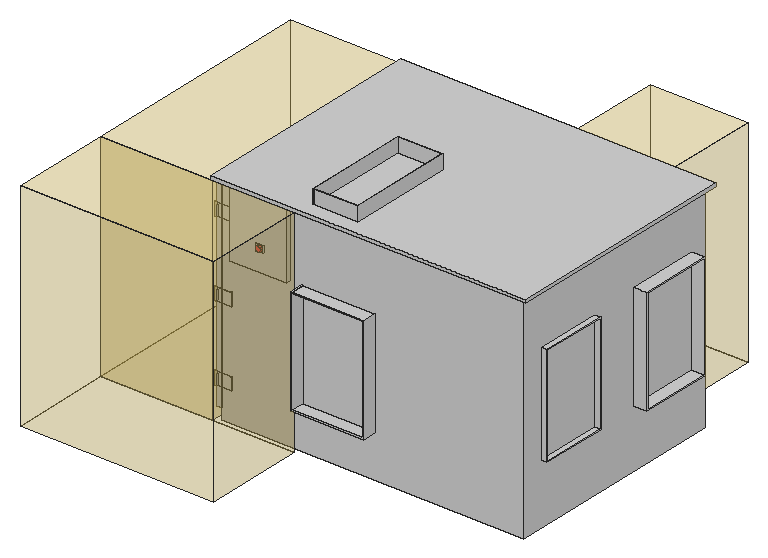
Revit family "Ventilator-RenewAire-Energy-Recovery-HE6XIN-Bypass", category Mechanical Equipment, Revit 2015
Parameters (values of type "5.0 HP 208-230V Three Phase")
  Voltage = "208-230"
  Ventilation Type = "Static Plate, Heat and Humidity Transfer"
  Unit Width = "113-1/2\""
  Unit Weight = "2,235-3,099 lbs."
  Unit Length = "88\""
  Unit Height = "81-3/4\""
  Unit = Metal - RenewAire - Anodized - Gray Text
  URL = "www.renewaire.com"
  Typical Airflow Range = "1,500 - 6,500 CFM"
  Standard Features = "TEFC Premium efficiency motors, Motor starters, Non-fused disconnect, 24 VAC transformer/relay package"
  Shipping Weight = "3,439 lbs."
  Service Area Visibility = yes
  Service Area Box = Interference - RenewAire - Smooth - Light - Gold
  Revit Object Download Link = ""
  Phase = "Three"
  Options = "Integrated programmable controls, Fused disconnect, Double wall construction, Factory supplied and mounted variable frequency drives (VFDs) - one or both airstreams, Class 1 low-leakage motorized isolation dampers - OA, EA or both airstreams, Qty. 2 Factory mounted filter alarms, Exterior white paint - white, custom colors, Bypass economizer (see bypass dimension drawing page) – dry bulb temperature  controls (standard), enthalpy controls (option)"
  Number Motors = "Qty. 2, Belt drive blower/standard motor packages with adjustable sheaves"
  Model = "HE6XIN-Bypass"
  Minimum Circuit Amps = "32.6 A"
  Maximum Overcurrent Protection = "45 A"
  Max. Shipping Width = "90\""
  Max. Shipping Length = "116\""
  Max. Shipping Height = "90\""
  Manufacturer = "RenewAire LLC"
  Frequency = "60 HZ"
  FLA per Motor = "14.5-13.4"
  Description = "Energy Recovery Ventilator"
  Connector Base Material = Glass - With - Transparency
  Accessories = "Filters - MERV 13, 2\" (shipped loose), Digital time clock - wall mount(TC7D-W), in exterior enclosure (TC7D-E), Motion occupancy control - ceiling mount(MC-C), wall mount(MC-W), Carbon dioxide control - wall mount (CO2-W),  duct mount(CO2-D), Electric duct heater – EK series (1-60 KW), EH series (61-175 KW), Indirect gas-fired duct furnace - GH series (50-400 MBH), installed downstream of any fans"
  AHRI 1060 Certified Core = "Six L125-G5"
Types (7): name | Voltage | Minimum Circuit Amps | Maximum Overcurrent Protection | FLA per Motor
  (no name) | "208-230" | "32.6 A" | "45 A" | "14.5-13.4"
  5.0 HP 208-230V Three Phase | "208-230" | "32.6 A" | "45 A" | "14.5-13.4"
  5.0 HP 460V Three Phase | "460" | "15.1 A" | "20 A" | "6.7"
  5.0 HP 575V Three Phase | "575" | "11.9 A" | "15 A" | "5.3"
  7.5 HP 208-230V Three Phase | "208-230" | "47.3 A" | "60 A" | "21.0-19.0"
  7.5 HP 460V Three Phase | "460" | "21.4 A" | "25 A" | "9.5"
  7.5 HP 575V Three Phase | "575" | "17.1 A" | "20 A" | "7.6"
Reference planes (in)
  plane 1 "Center (Front/Back)": y = 0
  plane 2: z = 0
  plane 3 "Center (Left/Right)": x = 0
  plane 4: y = 41.875
  plane 5: y = -41.875
  plane 6: x = 56.3125
  plane 7: x = -57.1875
Forms (in)
  Extrusion 1, solid, material "Metal - RenewAire - Anodized - Gray Text" <- "Unit"
    sketch origin (0, 0, 0) x (1, 0, 0) y (0, 1, 0)
      loop
        line (-54, 40.5) -> (-54, -40.5) -> (54, -40.5) -> (54, 40.5) -> (-54, 40.5)
    from 0 to 77
  Extrusion 2, solid, material "Metal - RenewAire - Anodized - Gray Text"
    sketch origin (0, 0, 0) x (1, 0, 0) y (0, 1, 0)
      loop
        line (-56.3125, 42.5) -> (-56.3125, -42.5) -> (56.3125, -42.5) -> (56.3125, 42.5) -> (-56.3125, 42.5)
    from 77 to 78.25
  Extrusion 3, solid, material "Metal - RenewAire - Anodized - Gray Text"
    sketch origin (0, 0, 0) x (1, 0, 0) y (0, 1, 0)
      loop
        line (-54, -40.5) -> (-54, -1.25) -> (-55.5625, -1.25) -> (-55.5625, -40.5) -> (-54, -40.5)
    from 4 to 76
  Extrusion 4, solid, material "Metal - RenewAire - Anodized - Gray Text"
    sketch origin (0, 41.75, 0) x (1, 0, 0) y (0, 1, 0)
      loop
        line (-54, -40.5) -> (-54, -1.25) -> (-55.5625, -1.25) -> (-55.5625, -40.5) -> (-54, -40.5)
    from 4 to 76
  Extrusion 5, solid, material "Metal - RenewAire - Anodized - Gray Text"
    sketch origin (0, 0, 0) x (1, 0, 0) y (0, 0, 1)
      loop
        line (-55.5625, 15.181) -> (-55.5625, 10.75) -> (-50.25, 10.75) -> (-50.25, 15.181) -> (-55.5625, 15.181)
      loop
        line (-55.5625, 42.222) -> (-55.5625, 37.778) -> (-50.25, 37.778) -> (-50.25, 42.222) -> (-55.5625, 42.222)
      loop
        line (-55.5625, 69.25) -> (-55.5625, 64.819) -> (-50.25, 64.819) -> (-50.25, 69.25) -> (-55.5625, 69.25)
    from 40.5 to 40.625
  Extrusion 6, solid, material "Metal - RenewAire - Anodized - Gray Text"
    sketch origin (0, 0, 0) x (1, 0, 0) y (0, 0, 1)
      loop
        line (-55.5625, 15.181) -> (-55.5625, 10.75) -> (-50.25, 10.75) -> (-50.25, 15.181) -> (-55.5625, 15.181)
      loop
        line (-55.5625, 42.222) -> (-55.5625, 37.778) -> (-50.25, 37.778) -> (-50.25, 42.222) -> (-55.5625, 42.222)
      loop
        line (-55.5625, 69.25) -> (-55.5625, 64.819) -> (-50.25, 64.819) -> (-50.25, 69.25) -> (-55.5625, 69.25)
    from -40.625 to -40.5
  Extrusion 7, solid, material "Metal - RenewAire - Anodized - Gray Text"
    sketch origin (0, 0, 0) x (1, 0, 0) y (0, 1, 0)
      loop
        circle (-55.9375, -40.5) r 0.375
    from 10.75 to 15.181
  Extrusion 8, solid, material "Metal - RenewAire - Anodized - Gray Text"
    sketch origin (0, 0, 0) x (1, 0, 0) y (0, 1, 0)
      loop
        circle (-55.9375, -40.5) r 0.375
    from 37.778 to 42.222
  Extrusion 9, solid, material "Metal - RenewAire - Anodized - Gray Text"
    sketch origin (0, 0, 0) x (1, 0, 0) y (0, 1, 0)
      loop
        circle (-55.9375, -40.5) r 0.375
    from 64.819 to 69.25
  Extrusion 10, solid, material "Metal - RenewAire - Anodized - Gray Text"
    sketch origin (0, 81, 0) x (1, 0, 0) y (0, 1, 0)
      loop
        circle (-55.9375, -40.5) r 0.375
    from 10.75 to 15.181
  Extrusion 11, solid, material "Metal - RenewAire - Anodized - Gray Text"
    sketch origin (0, 81, 0) x (1, 0, 0) y (0, 1, 0)
      loop
        circle (-55.9375, -40.5) r 0.375
    from 37.778 to 42.222
  Extrusion 12, solid, material "Metal - RenewAire - Anodized - Gray Text"
    sketch origin (0, 81, 0) x (1, 0, 0) y (0, 1, 0)
      loop
        circle (-55.9375, -40.5) r 0.375
    from 64.819 to 69.25
  Extrusion 13, void
    sketch origin (0, 0, 0) x (1, 0, 0) y (0, 0, 1)
      loop
        line (-9.25, 32.25) -> (-25.25, 32.25) -> (-25.25, 10.25) -> (-9.25, 10.25) -> (-9.25, 32.25)
    from -40.625 to -37.83362
  Extrusion 14, solid, material "Metal - RenewAire - Anodized - Gray Text"
    sketch origin (0, 0, 0) x (1, 0, 0) y (0, 0, 1)
      loop
        line (-50.25, 77) -> (-50.25, 53) -> (-29.75, 53) -> (-29.75, 77) -> (-50.25, 77)
    from 40.5 to 41.75
  Extrusion 15, solid, material "Metal - RenewAire - Anodized - Gray Text"
    sketch origin (0, 0, 0) x (1, 0, 0) y (0, 0, 1)
      loop
        line (-40.6, 62.1) -> (-40.6, 59.6) -> (-38.1, 59.6) -> (-38.1, 62.1) -> (-40.6, 62.1)
    from 41.75 to 41.875
  Extrusion 16, solid, material "Plastic Red"
    sketch origin (0, 0, 0) x (1, 0, 0) y (0, 0, 1)
      loop
        circle (-39.35, 60.85) r 1
    from 41.75 to 42.5
  Extrusion 17, solid, material "Metal - RenewAire - Anodized - Gray Text"
    sketch origin (0, 0, 0) x (0, 1, 0) y (0, 0, 1)
      loop
        circle (-3.25, 67.0345) r 0.25
    from -56.3125 to -55.5625
  Extrusion 18, solid, material "Metal - RenewAire - Anodized - Gray Text"
    sketch origin (0, 0, 0) x (1, 0, 0) y (0, 0, 1)
      loop
        line (-56.3125, 67.2845) -> (-57.1875, 67.2845) -> (-57.1875, 66.7845) -> (-56.3125, 66.7845) -> (-56.3125, 67.2845)
    from 2.95437 to 6.64353
  Extrusion 19, solid, material "Metal - RenewAire - Anodized - Gray Text"
    sketch origin (0, 0, -54.0845) x (0, 1, 0) y (0, 0, 1)
      loop
        circle (-3.25, 67.0345) r 0.25
    from -56.3125 to -55.5625
  Extrusion 20, solid, material "Metal - RenewAire - Anodized - Gray Text"
    sketch origin (0, 0, -54.0845) x (1, 0, 0) y (0, 0, 1)
      loop
        line (-56.3125, 67.2845) -> (-57.1875, 67.2845) -> (-57.1875, 66.7845) -> (-56.3125, 66.7845) -> (-56.3125, 67.2845)
    from 2.95437 to 6.64353
  Extrusion 21, solid, material "Metal - RenewAire - Anodized - Gray Text"
    sketch origin (0, -0.02735, 79.9845) x (0, -1, 0) y (0, 0, -1)
      loop
        circle (-3.25, 67.0345) r 0.25
    from -56.3125 to -55.5625
  Extrusion 22, solid, material "Metal - RenewAire - Anodized - Gray Text"
    sketch origin (0, -0.02735, 79.9845) x (1, 0, 0) y (0, 0, -1)
      loop
        line (-56.3125, 67.2845) -> (-57.1875, 67.2845) -> (-57.1875, 66.7845) -> (-56.3125, 66.7845) -> (-56.3125, 67.2845)
    from 2.95437 to 7.02735
  Extrusion 23, solid, material "Metal - RenewAire - Anodized - Gray Text"
    sketch origin (0, -0.02735, 134.069) x (0, -1, 0) y (0, 0, -1)
      loop
        circle (-3.25, 67.0345) r 0.25
    from -56.3125 to -55.5625
  Extrusion 24, solid, material "Metal - RenewAire - Anodized - Gray Text"
    sketch origin (0, -0.02735, 134.069) x (1, 0, 0) y (0, 0, -1)
      loop
        line (-56.3125, 67.2845) -> (-57.1875, 67.2845) -> (-57.1875, 66.7845) -> (-56.3125, 66.7845) -> (-56.3125, 67.2845)
    from 2.95437 to 7.02735
  Extrusion 25, solid, material "Metal - RenewAire - Anodized - Gray Text"
    sketch origin (0, 0, 0) x (1, 0, 0) y (0, 1, 0)
      loop
        line (-55.5625, -3.02735) -> (-56.3125, -3.02735) -> (-56.3125, -5.01821) -> (-56.89763, -5.60334) -> (-56.54408, -5.9569) -> (-55.5625, -4.97532) -> (-55.5625, -3.02735)
      loop
        line (-56.3125, 4.96351) -> (-56.3125, 2.92702) -> (-55.5625, 2.92702) -> (-55.5625, 4.92062) -> (-56.56719, 5.92531) -> (-56.92075, 5.57176) -> (-56.3125, 4.96351)
    from 39.5 to 40.5
  Extrusion 26, solid, material "Metal - RenewAire - Anodized - Gray Text"
    sketch origin (0.86244, -1, 0) x (1, 0, 0) y (0, 1, 0)
      loop
        circle (-57.54994, 6.5545) r 0.5
    from 37.5 to 42.5
  Extrusion 27, solid, material "Metal - RenewAire - Anodized - Gray Text"
    sketch origin (0.86244, -12.27115, 0) x (1, 0, 0) y (0, 1, 0)
      loop
        circle (-57.54994, 6.5545) r 0.5
    from 37.5 to 42.5
  Extrusion 28, solid, material "Metal - RenewAire - Anodized - Gray Text"
    sketch origin (0, 0, 0) x (0, 1, 0) y (0, 0, 1)
      loop
        line (-33.125, 58) -> (-33.125, 22) -> (-9.125, 22) -> (-9.125, 58) -> (-33.125, 58)
      loop
        line (-33, 57.875) -> (-33, 22.125) -> (-9.25, 22.125) -> (-9.25, 57.875) -> (-33, 57.875)
    from 54 to 56.3125
  Extrusion 29, solid, material "Metal - RenewAire - Anodized - Gray Text"
    sketch origin (0, 40.875, 0) x (0, 1, 0) y (0, 0, 1)
      loop
        line (-32.625, 59.125) -> (-32.625, 21.125) -> (-6.625, 21.125) -> (-6.625, 59.125) -> (-32.625, 59.125)
      loop
        line (-32.375, 58.875) -> (-32.375, 21.375) -> (-6.875, 21.375) -> (-6.875, 58.875) -> (-32.375, 58.875)
    from 54 to 59
  Extrusion 30, solid, material "Metal - RenewAire - Anodized - Gray Text"
    sketch origin (0, 0, 0) x (1, 0, 0) y (0, 1, 0)
      loop
        line (40.5, 40.5) -> (40.5, 41.875) -> (5.75, 41.875) -> (5.75, 40.5) -> (40.5, 40.5)
    from 4 to 76
  Extrusion 31, solid, material "Metal - RenewAire - Anodized - Gray Text"
    sketch origin (46.25, -13.6875, 0) x (0, -1, 0) y (0, 0, 1)
      loop
        line (-55.5625, 15.181) -> (-55.5625, 10.75) -> (-54.1875, 10.75) -> (-54.1875, 15.181) -> (-55.5625, 15.181)
      loop
        line (-55.5625, 42.222) -> (-55.5625, 37.778) -> (-54.1875, 37.778) -> (-54.1875, 42.222) -> (-55.5625, 42.222)
      loop
        line (-55.5625, 69.25) -> (-55.5625, 64.819) -> (-54.1875, 64.819) -> (-54.1875, 69.25) -> (-55.5625, 69.25)
    from 40.5 to 40.625
  Extrusion 32, solid, material "Metal - RenewAire - Anodized - Gray Text"
    sketch origin (46.25, -13.6875, 0) x (0, -1, 0) y (1, 0, 0)
      loop
        circle (-55.9375, -40.5) r 0.375
    from 10.75 to 15.181
  Extrusion 33, solid, material "Metal - RenewAire - Anodized - Gray Text"
    sketch origin (46.25, -13.6875, 0) x (0, -1, 0) y (1, 0, 0)
      loop
        circle (-55.9375, -40.5) r 0.375
    from 37.778 to 42.222
  Extrusion 34, solid, material "Metal - RenewAire - Anodized - Gray Text"
    sketch origin (46.25, -13.6875, 0) x (0, -1, 0) y (1, 0, 0)
      loop
        circle (-55.9375, -40.5) r 0.375
    from 64.819 to 69.25
  Extrusion 35, solid, material "Metal - RenewAire - Anodized - Gray Text"
    sketch origin (0, 0, 0.09434) x (1, 0, 0) y (0, 0, 1)
      loop
        circle (38.5, 67.0345) r 0.5
      loop
        circle (38.5, 12.9655) r 0.5
    from -42.63934 to -41.875
  Extrusion 36, solid, material "Metal - RenewAire - Anodized - Gray Text"
    sketch origin (0, 0, 0) x (1, 0, 0) y (0, 1, 0)
      loop
        line (39, 42.63934) -> (39, 43.13934) -> (35, 43.13934) -> (35, 42.63934) -> (39, 42.63934)
    from 12.54402 to 13.57826
  Extrusion 37, solid, material "Metal - RenewAire - Anodized - Gray Text"
    sketch origin (0, 0, 0) x (1, 0, 0) y (0, 1, 0)
      loop
        line (39, 42.63934) -> (39, 43.13934) -> (35, 43.13934) -> (35, 42.63934) -> (39, 42.63934)
    from 66.62861 to 67.65618
  Extrusion 38, solid, material "Metal - RenewAire - Anodized - Gray Text"
    sketch origin (0, 0, 0) x (1, 0, 0) y (0, 1, 0)
      loop
        line (39, 42.42236) -> (36.93236, 42.42236) -> (35.90842, 43.13934) -> (35.90842, 42.63934) -> (37, 41.875) -> (39, 41.875) -> (39, 42.42236)
    from 39.5 to 40.5
  Extrusion 39, solid, material "Metal - RenewAire - Anodized - Gray Text"
    sketch origin (0, 0, 0) x (1, 0, 0) y (0, 1, 0)
      loop
        circle (35.90842, 42.88934) r 0.25
    from 37.778 to 42.222
  Extrusion 40, solid, material "Interference - RenewAire - Smooth - Light - Gold" <- "Service Area Box", visible <- "Service Area Visibility"
    sketch origin (0, 0, 0) x (1, 0, 0) y (0, 1, 0)
      loop
        line (5.75, 41.875) -> (40.5, 41.875) -> (40.5, 76.625) -> (5.75, 76.625) -> (5.75, 41.875)
    from 0 to 77
  Extrusion 41, solid, material "Interference - RenewAire - Smooth - Light - Gold", visible <- "Service Area Visibility"
    sketch origin (0, 0, 0) x (1, 0, 0) y (0, 1, 0)
      loop
        line (-55.5625, 42.5) -> (-95.5625, 42.5) -> (-95.5625, -42.5) -> (-55.5625, -42.5) -> (-55.5625, 42.5)
    from 0 to 77
  Extrusion 42, solid, material "Interference - RenewAire - Smooth - Light - Gold", visible <- "Service Area Visibility"
    sketch origin (0, -2, 0) x (1, 0, 0) y (0, 1, 0)
      loop
        line (-26.3125, -40.5) -> (-95.5625, -40.5) -> (-95.5625, -76.5) -> (-26.3125, -76.5) -> (-26.3125, -40.5)
    from 0 to 77
  Extrusion 43, void
    sketch origin (0, 0, 0) x (1, 0, 0) y (0, 1, 0)
      loop
        line (-53.5, 40) -> (-53.5, -40) -> (53.5, -40) -> (53.5, 40) -> (-53.5, 40)
    from -3.09535 to 4.625
  Extrusion 44, solid, material "Metal - RenewAire - Anodized - Gray Text" <- "Unit"
    sketch origin (0, 0, 0) x (1, 0, 0) y (0, 1, 0)
      loop
        line (-23.9375, 0.625) -> (-23.9375, -37.375) -> (-7.9375, -37.375) -> (-7.9375, 0.625) -> (-23.9375, 0.625)
      loop
        line (-23.6875, 0.375) -> (-23.6875, -37.125) -> (-8.1875, -37.125) -> (-8.1875, 0.375) -> (-23.6875, 0.375)
    from 78.25 to 83.25
  Extrusion 45, solid, material "Metal - RenewAire - Anodized - Gray Text" <- "Unit"
    sketch origin (0, 0, 0) x (1, 0, 0) y (0, 0, 1)
      loop
        line (-25.25, 53.25) -> (-25.25, 15.25) -> (0.75, 15.25) -> (0.75, 53.25) -> (-25.25, 53.25)
      loop
        line (-25, 53) -> (-25, 15.5) -> (0.5, 15.5) -> (0.5, 53) -> (-25, 53)
    from 40.5 to 45.5
Cuts and joins
  Extrusion 13, Extrusion 43 cuts Extrusion 1
Dimensions and locks (in)
  aligned and locked: level to plane 2
Nested families (in)
  nested 1: "Monitoring Port" at (28.5, 42.125, 62.778), type "Monitoring Port"
  nested 2: "Monitoring Port" at (17.625, 42.125, 62.778), type "Monitoring Port"
  nested 3: "Monitoring Port" at (28.5, 42.125, 50.778), type "Monitoring Port"
  nested 4: "Monitoring Port" at (17.625, 42.125, 50.778), type "Monitoring Port"
Connectors (in)
  hvac at (54, 21.25, 40.125)
    settings: on Extrusion 29, index 2, duct flow 0 CFM, flow factor 0, pres drop 0.00 in-wg, loss coef 0, conn angle 0.00°, conn width 26", conn height 38", conn diameter 24", duct sys type 2, conn prof type 1, flow config 0, flow direction 1, loss method 0, conn ref index -1, conn util no, is conn primary yes, conn desc "RA (Return Air)"
  hvac at (54, -21.125, 40)
    settings: on Extrusion 28, index 3, duct flow 0 CFM, flow factor 0, pres drop 0.00 in-wg, loss coef 0, conn angle 0.00°, conn width 24", conn height 36", conn diameter 24", duct sys type 4, conn prof type 1, flow config 0, flow direction 1, loss method 0, conn ref index -1, conn util no, is conn primary no, conn desc "OA (Outside Air)"
  hvac at (-17.25, 37.83362, 21.25)
    settings: on cut or joined group of Extrusion 1, Extrusion 13, Extrusion 43, index 4, duct flow 0 CFM, flow factor 0, pres drop 0.00 in-wg, loss coef 0, conn angle 0.00°, conn width 16", conn height 22", conn diameter 24", duct sys type 1, conn prof type 1, flow config 0, flow direction 2, loss method 0, conn ref index -1, conn util no, is conn primary no, conn desc "FA (Fresh Air)"
  hvac at (-15.9375, -18.375, 83.25)
    settings: on Extrusion 44, index 5, duct flow 0 CFM, flow factor 0, pres drop 0.00 in-wg, loss coef 0, conn angle 0.00°, conn width 16", conn height 38", conn diameter 24", duct sys type 2, conn prof type 1, flow config 0, flow direction 1, loss method 0, conn ref index -1, conn util no, is conn primary no, conn desc "BP (Bypass Air)"
  hvac at (-12.25, -40.5, 34.25)
    settings: on Extrusion 45, index 6, duct flow 0 CFM, flow factor 0, pres drop 0.00 in-wg, loss coef 0, conn angle 0.00°, conn width 26", conn height 38", conn diameter 24", duct sys type 3, conn prof type 1, flow config 0, flow direction 1, loss method 0, conn ref index -1, conn util no, is conn primary no, conn desc "EA (Exhaust Air)"
Definition of nested family "Monitoring Port"
  Parameters (values of type "Monitoring Port")
    URL = "www.renewaire.com"
    Revit Object Download Link = ""
    Model = ""
    Manufacturer = "RenewAire LLC"
    Description = "Monitoring Ports"
  Reference planes (in)
    plane 1 "Center (Front/Back)": y = 0
    plane 2: z = 0
    plane 3 "Center (Left/Right)": x = 0
  Forms (in)
    Extrusion 1, solid
      sketch origin (-9.43348, 0, 37.76669) x (-1, 0, 0) y (0, 0, -1)
        loop
          line (-9.53348, 35.65895) -> (-9.94097, 35.42369) -> (-9.94097, 34.83769) -> (-9.43348, 34.54469) -> (-8.92599, 34.83769) -> (-8.92599, 35.42369) -> (-9.33348, 35.65895) -> (-9.33348, 37.28756)
          arc (-9.33348, 37.28756) -> (-9.43348, 37.76669) -> (-9.53348, 37.28756) r 0.25
          line (-9.53348, 37.28756) -> (-9.53348, 35.65895)
      from 0 to 0.25
  Dimensions and locks (in)
    aligned and locked: level to plane 2
